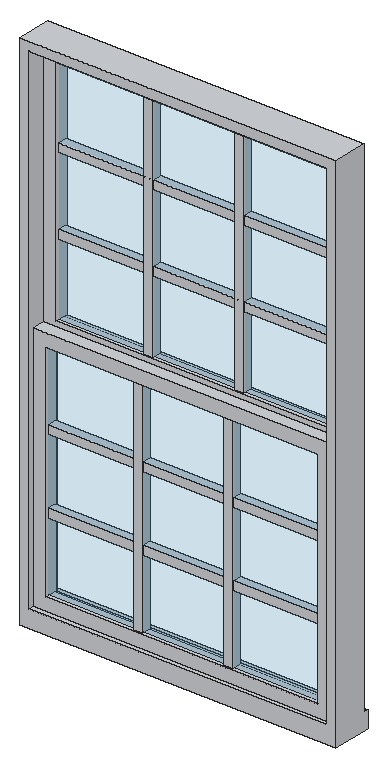
Revit family "Window_Single Hung", category Windows, Revit 2019
Family settings
  Work Plane-Based = No
  Always vertical = Yes
  Cut with Voids When Loaded = No
  Shared = Yes
  Room Calculation Point = No
Parameters (values of type "Single Hung")
  Width [instance] = 3' - 0"
  WS - Window Type / Symbol = "SH-1"
  WS - Width [instance] = Width  # 3' - 0"
  WS - Tempered Glass = ""
  WS - Style = ""
  WS - Smoke & Draft = ""
  WS - Remarks = ""
  WS - Height [instance] = Height  # 5' - 0"
  WS - Frame = ""
  WS - Fire Rating = ""
  WS - Finish = ""
  Upper Inner Frame Depth = 0' - 1 1/2"
  Upper Glazing Height [instance] = Height / 2 - 0' 1" - 0' 1 1/2" - 0' 1"  # 2' - 2 1/2"
  Sill Depth = 0' - 4 1/2"
  Number Of Lites Wide [instance] = 3
  Number Of Lites High [instance] = 3
  Lower Inner Frame Depth = 0' - 1 1/2"
  Lower Glazing Height [instance] = Height / 2 - 0' 2" - 0' 1" - 0' 1 1/2"  # 2' - 1 1/2"
  Inner Frame Width = 0' - 1 1/2"
  Height [instance] = 5' - 0"
  Glazing Width [instance] = Width - (2 * (Frame Width + Inner Frame Width))  # 2' - 7"
  Glazing Thickness = 0' - 0 3/4"
  Glazing Material [instance] = none
  Glazing Height = 0' - 0"
  Frame Width = 0' - 1"
  Frame Material [instance] = none
  Depth = 0' - 4"
  Analytic Construction = "<None>"
Reference planes (in)
  plane 1 "Center (Front/Back)": y = 0
  plane 2: z = 0
  plane 3 "Center (Left/Right)": x = 0
  plane 4: x = -18
  plane 5: x = 18
  plane 6: y = 2.5
  plane 7: y = -2
  plane 8: x = -17
  plane 9: x = 17
  plane 10: x = -15.5
  plane 11: x = 15.5
  plane 12: y = 1.5
  plane 13: y = -1.5
  plane 14: y = 0.75
  plane 15: y = 1.125
  plane 16: y = 0.375
  plane 17: y = 2
  plane 18: y = -0.75
  plane 19: y = -0.375
  plane 20: y = -1.125
  plane 21: z = 60
  plane 22: z = 59
  plane 23: z = 57.5
  plane 24: z = 2
  plane 25: z = 3.5
  plane 26: z = 30
  plane 27: z = 31
  plane 28: z = 29
  plane 29: x = 0
  plane 30: z = 30
Forms (in)
  Extrusion 1, solid, material <- "Frame Material"
    sketch origin (0, 0, 0) x (0, 1, 0) y (0, 0, 1)
      loop
        line (-2, 2) -> (-2, 0) -> (2.5, 0) -> (2.5, 2) -> (-2, 2)
    from -18 to 18
  Sweep 2, solid, material <- "Frame Material"
    path origin (0, 0, 0) x (1, 0, 0) y (0, 0, 1)
      loop
        line (18, 0) -> (18, 60) -> (-18, 60) -> (-18, 0)
    profile origin (-18, 0, 30) x (0, -1, 0) y (1, 0, 0)
      loop
        line (-2, 0) -> (2, 0) -> (2, 1) -> (-2, 1) -> (-2, 0)
  Sweep 3, solid, material <- "Frame Material"
    path origin (0, 0, 0) x (1, 0, 0) y (0, 0, 1)
      loop
        line (-15.5, 29) -> (-15.5, 3.5) -> (15.5, 3.5) -> (15.5, 29) -> (-15.5, 29)
    profile origin (-15.5, 0, 16.25) x (0, -1, 0) y (1, 0, 0)
      loop
        line (1.5, -1.5) -> (1.5, 0) -> (0, 0) -> (0, -1.5) -> (1.5, -1.5)
  Sweep 4, solid, material <- "Frame Material"
    path origin (0, 0, 0) x (1, 0, 0) y (0, 0, 1)
      loop
        line (-15.5, 57.5) -> (-15.5, 31) -> (15.5, 31) -> (15.5, 57.5) -> (-15.5, 57.5)
    profile origin (-15.5, 0, 44.25) x (0, -1, 0) y (1, 0, 0)
      loop
        line (-1.5, -1.5) -> (0, -1.5) -> (0, 0) -> (-1.5, 0) -> (-1.5, -1.5)
  Extrusion 5, solid, material <- "Glazing Material"
    sketch origin (0, 0, 0) x (1, 0, 0) y (0, 1, 0)
      loop
        line (-15.5, 1.125) -> (-15.5, 0.375) -> (15.5, 0.375) -> (15.5, 1.125) -> (-15.5, 1.125)
    from 31 to 57.5
  Extrusion 6, solid, material <- "Glazing Material"
    sketch origin (0, 0, 0) x (1, 0, 0) y (0, 1, 0)
      loop
        line (-15.5, -0.375) -> (-15.5, -1.125) -> (15.5, -1.125) -> (15.5, -0.375) -> (-15.5, -0.375)
    from 3.5 to 29
Cuts and joins
  joined: Extrusion 1, Sweep 2
Lines and regions (in)
  symbolic lines, style "WindowsFrameMullionProjection"
    curve 1: line (-18, 2, 0) -> (-17, 2, 0)
    curve 2: line (-17, 2, 0) -> (-17, 1.5, 0)
    curve 3: line (-18, -2, 0) -> (-17, -2, 0)
    curve 4: line (-18, 2, 0) -> (-18, -2, 0)
    curve 5: line (-15.5, 1.5, 0) -> (-15.5, 0, 0)
    curve 6: line (-17, -1.5, 0) -> (-15.5, -1.5, 0)
    curve 7: line (-17, 1.5, 0) -> (-15.5, 1.5, 0)
    curve 8: line (-15.5, 0, 0) -> (-17, 0, 0)
    curve 9: line (-17, 1.5, 0) -> (-17, 0, 0)
    curve 10: line (-17, -1.5, 0) -> (-17, -2, 0)
    curve 11: line (-17, 0, 0) -> (-17, -1.5, 0)
    curve 12: line (-15.5, 0, 0) -> (-15.5, -1.5, 0)
    curve 13: line (17, 2, 0) -> (18, 2, 0)
    curve 14: line (18, 2, 0) -> (18, -2, 0)
    curve 15: line (17, 2, 0) -> (17, 1.5, 0)
    curve 16: line (17, -2, 0) -> (18, -2, 0)
    curve 17: line (15.5, -1.5, 0) -> (17, -1.5, 0)
    curve 18: line (15.5, 1.5, 0) -> (17, 1.5, 0)
    curve 19: line (15.5, 1.5, 0) -> (15.5, 0, 0)
    curve 20: line (17, 0, 0) -> (15.5, 0, 0)
    curve 21: line (15.5, 0, 0) -> (15.5, -1.5, 0)
    curve 22: line (17, 0, 0) -> (17, -1.5, 0)
    curve 23: line (17, -1.5, 0) -> (17, -2, 0)
    curve 24: line (17, 1.5, 0) -> (17, 0, 0)
    curve 31: line (0, 0, 11) -> (0, 0, 6.25)
    curve 32: line (0, 0, 11) -> (-1.41421, 0, 9.58579)
    curve 33: line (0, 0, 11) -> (1.41421, 0, 9.58579)
  symbolic lines, style "WindowsSillHeadProjection"
    curve 25: line (-18, 2, 0) -> (-18, 2.5, 0)
    curve 26: line (-18, 2.5, 0) -> (18, 2.5, 0)
    curve 27: line (18, 2.5, 0) -> (18, 2, 0)
    curve 28: line (17, -2, 0) -> (-17, -2, 0)
  symbolic lines, style "WindowsGlassProjection"
    curve 29: line (-15.5, 0.75, 0) -> (15.5, 0.75, 0)
    curve 30: line (-15.5, -0.75, 0) -> (15.5, -0.75, 0)
Dimensions and locks (in)
  "Sill Depth": plane 6 to plane 7
  equal spacing: plane 4, plane 3 "Center (Left/Right)", plane 5
  "Width": plane 4 to plane 5
  "Frame Width": plane 4 to plane 8
  "Frame Width": plane 9 to plane 5
  "Inner Frame Width": plane 8 to plane 10
  "Inner Frame Width": plane 11 to plane 9
  "Lower Inner Frame Depth": plane 13 to plane 1 "Center (Front/Back)"
  "Upper Inner Frame Depth": plane 1 "Center (Front/Back)" to plane 12
  plane 1 "Center (Front/Back)" to plane 7 = 0' - 2"
  equal spacing: plane 12, plane 14, plane 1 "Center (Front/Back)"
  "Glazing Thickness": plane 15 to plane 16
  equal spacing: plane 15, plane 14, plane 16
  "Depth": plane 17 to plane 7
  equal spacing: plane 1 "Center (Front/Back)", plane 18, plane 13
  equal spacing: plane 20, plane 18, plane 19
  "Glazing Thickness": plane 20 to plane 19
  "Height": plane 21 to level
  "Frame Width": plane 21 to plane 22
  "Inner Frame Width": plane 22 to plane 23
  plane 24 to level = 0' - 2"
  "Inner Frame Width": plane 25 to plane 24
  equal spacing: plane 21, plane 26, level
  locked: plane 27 to plane 28 at 2
  equal spacing: plane 27, plane 26, plane 28
  plane 23 to plane 27 = 2' - 2 1/2"
  plane 28 to plane 25 = 2' - 1 1/2"
  equal spacing: plane 21, plane 30, level
  aligned and locked: plane 2 to level
  aligned and locked: Extrusion 1 sketch curve to plane 24
  aligned and locked: plane 7 to Extrusion 1 sketch curve
  aligned and locked: level to Extrusion 1 sketch curve
  aligned and locked: Extrusion 1 sketch curve to plane 6
  aligned and locked: Extrusion 1 to plane 4
  aligned and locked: plane 5 to Extrusion 1
  aligned and locked: Sweep 2 sketch curve to plane 4
  aligned and locked: Sweep 2 sketch curve to plane 21
  aligned and locked: Sweep 2 sketch curve to plane 5
  aligned and locked: level to Sweep 2 sketch curve  (x2)
  aligned and locked: plane 4 to Sweep 2 sketch curve
  aligned and locked: plane 7 to Sweep 2 sketch curve
  aligned and locked: Sweep 2 sketch curve to plane 8
  aligned and locked: Sweep 2 sketch curve to plane 17
  aligned and locked: Sweep 3 sketch curve to plane 10
  aligned and locked: Sweep 3 sketch curve to plane 25
  aligned and locked: plane 11 to Sweep 3 sketch curve
  aligned and locked: Sweep 3 sketch curve to plane 28
  aligned and locked: plane 10 to Sweep 3 sketch curve
  aligned and locked: Sweep 3 sketch curve to plane 1 "Center (Front/Back)"
  aligned and locked: Sweep 3 sketch curve to plane 8
  aligned and locked: Sweep 3 sketch curve to plane 13
  aligned and locked: Sweep 4 sketch curve to plane 10
  aligned and locked: Sweep 4 sketch curve to plane 23
  aligned and locked: plane 11 to Sweep 4 sketch curve
  aligned and locked: Sweep 4 sketch curve to plane 27
  aligned and locked: plane 8 to Sweep 4 sketch curve
  aligned and locked: plane 12 to Sweep 4 sketch curve
  aligned and locked: plane 1 "Center (Front/Back)" to Sweep 4 sketch curve
  aligned and locked: plane 10 to Sweep 4 sketch curve
  aligned and locked: Extrusion 5 sketch curve to plane 15
  aligned and locked: Extrusion 5 sketch curve to plane 16
  aligned and locked: plane 11 to Extrusion 5 sketch curve
  aligned and locked: plane 10 to Extrusion 5 sketch curve
  aligned and locked: plane 11 to Extrusion 6 sketch curve
  aligned and locked: Extrusion 6 sketch curve to plane 19
  aligned and locked: plane 20 to Extrusion 6 sketch curve
  aligned and locked: plane 10 to Extrusion 6 sketch curve
  aligned and locked: plane 28 to Extrusion 6
  aligned and locked: Extrusion 6 to plane 25
  aligned and locked: Extrusion 5 to plane 27
  aligned and locked: plane 23 to Extrusion 5
  aligned and locked: curve 1 to plane 17
  aligned and locked: curve 2 to plane 8
  aligned and locked: curve 3 to plane 7
  aligned and locked: curve 4 to plane 4
  aligned and locked: curve 5 to plane 10
  aligned and locked: curve 6 to plane 13
  aligned and locked: curve 7 to plane 12
  aligned and locked: curve 10 to plane 8
  aligned and locked: curve 9 to plane 8
  aligned and locked: curve 11 to plane 8
  aligned and locked: curve 12 to plane 10
  aligned and locked: curve 13 to plane 17
  aligned and locked: curve 14 to plane 5
  aligned and locked: curve 15 to plane 9
  aligned and locked: curve 16 to plane 7
  aligned and locked: curve 17 to plane 13
  aligned and locked: curve 18 to plane 12
  aligned and locked: curve 20 to plane 1 "Center (Front/Back)"
  aligned and locked: plane 11 to curve 21
  aligned and locked: curve 23 to plane 9
  aligned and locked: curve 22 to plane 9
  aligned and locked: curve 24 to plane 9
  aligned and locked: plane 8 to curve 28
  aligned and locked: plane 9 to curve 28
  aligned and locked: curve 27 to plane 5
  aligned and locked: curve 26 to plane 6
  aligned and locked: plane 11 to curve 29
  aligned and locked: curve 29 to plane 14
  aligned and locked: plane 10 to curve 30
  aligned and locked: curve 30 to plane 18
  aligned and locked: plane 11 to curve 30
  aligned and locked: plane 28 to nested 2
  aligned and locked: nested 2 to plane 18
  aligned and locked: nested 1 to plane 14
  aligned and locked: plane 23 to nested 1
  aligned and locked: plane 29 to nested 1
  aligned and locked: plane 29 to nested 2
  aligned and locked: plane 3 "Center (Left/Right)" to plane 29
Automatic sketch dimensions
  plane 1 "Center (Front/Back)" to curve 12 = 0' - 0"
  curve 32 to plane 3 "Center (Left/Right)" = 0' - 0"
  plane 25 to curve 32 = 0' - 7 1/2"
  curve 32 to plane 3 "Center (Left/Right)" = 0' - 1.41421"
  curve 33 to curve 33 = 0' - 1.41421"
  curve 32 to curve 31 = 0' - 1.41421"
  plane 25 to curve 31 = 0' - 2 3/4"
Nested families (in)
  nested 1: "Mullion Assembly" at (0, 0.75, 31), Width <- "Glazing Width", Height <- "Upper Glazing Height", Number Of Lites Wide <- "Number Of Lites Wide", Number Of Lites High <- "Number Of Lites High", type "Mullion Assembly"
    with Width 2' - 7", Vertical Mullions 2, Vertical Mullion Visible yes, Vertical Mullion Array Location 0' - 10.33333", Number Of Vertical Mullions 2, Number Of Lites Wide 3, Number Of Lites High 3, Number Of Horizontal Mullions 2, Mullion Material none, Horizontal Mullions 2, Horizontal Mullion Visible yes, Horizontal Mullion Array Location 0' - 8.83333", Height 2' - 2 1/2", Mullion Height 0' - 1"
  nested 2: "Mullion Assembly" at (0, -0.75, 3.5), Width <- "Glazing Width", Height <- "Lower Glazing Height", Number Of Lites Wide <- "Number Of Lites Wide", Number Of Lites High <- "Number Of Lites High", type "Mullion Assembly"
    with Width 2' - 7", Vertical Mullions 2, Vertical Mullion Visible yes, Vertical Mullion Array Location 0' - 10.33333", Number Of Vertical Mullions 2, Number Of Lites Wide 3, Number Of Lites High 3, Number Of Horizontal Mullions 2, Mullion Material none, Horizontal Mullions 2, Horizontal Mullion Visible yes, Horizontal Mullion Array Location 0' - 8 1/2", Height 2' - 1 1/2", Mullion Height 0' - 1"
Definition of nested family "Mullion Assembly"
  Parameters (values of type "Mullion Assembly")
    Width [instance] = 4' - 0"
    Vertical Mullions [instance] = if(Number Of Vertical Mullions < 1.5, 2, Number Of Vertical Mullions)  # 3
    Vertical Mullion Visible [instance] = Number Of Lites Wide > 1.5  # yes
    Vertical Mullion Array Location [instance] = if(Number Of Vertical Mullions < 1.5, (Width / 2), if(Number Of Vertical Mullions > 1.5, (Width / (Vertical Mullions + 1)), (Width / 2)))  # 1' - 0"
    Number Of Vertical Mullions [instance] = Number Of Lites High - 1  # 3
    Number Of Lites Wide [instance] = 4
    Number Of Lites High [instance] = 4
    Number Of Horizontal Mullions [instance] = Number Of Lites Wide - 1  # 3
    Mullion Width = 0' - 1"
    Mullion Material [instance] = none
    Mullion Height = 0' - 0 3/4"
    Horizontal Mullions [instance] = if(Number Of Horizontal Mullions < 1.5, 2, Number Of Horizontal Mullions)  # 3
    Horizontal Mullion Visible [instance] = Number Of Lites High > 1.5  # yes
    Horizontal Mullion Array Location [instance] = if(Number Of Horizontal Mullions < 1.5, (Height / 2), if(Number Of Horizontal Mullions > 1.5, (Height / (Horizontal Mullions + 1)), (Height / 2)))  # 1' - 0"
    Height [instance] = 4' - 0"
    Analytic Construction = "<None>"
  Reference planes (in)
    plane 1 "Center (Front/Back)": y = 0
    plane 2: z = 0
    plane 3 "Center (Left/Right)": x = 0
    plane 4: z = 48
    plane 5: x = 24
    plane 6: x = -24
    plane 7: x = -12
    plane 8: x = 12
    plane 9: z = 36
    plane 10: z = 12
    plane 11: z = 24
    plane 12: x = -12
    plane 13: z = 36
    plane 14: z = 12
    plane 15: x = 12
    plane 16: z = 24
    plane 17: x = 0
  Forms (in)
    Sweep 1, solid, material <- "Mullion Material", visible <- "Vertical Mullion Visible"
      path origin (5.06152, 0, -15.28174) x (1, 0, 0) y (0, 0, 1)
        loop
          line (-17.06152, 63.28174) -> (-17.06152, 15.28174)
      profile "Profile - Mullion : Profile - Mullion" origin (-12, 0, 24) x (1, 0, 0) y (0, -1, 0)
        loop
          line (-0.5, 0.375) -> (-0.5, -0.375) -> (0.5, -0.375) -> (0.5, 0.375) -> (-0.5, 0.375)
    Sweep 2, solid, material <- "Mullion Material", visible <- "Horizontal Mullion Visible"
      path origin (20.44465, 0, -3.26328) x (1, 0, 0) y (0, 0, 1)
        loop
          line (-44.44465, 39.26328) -> (3.55535, 39.26328)
      profile "Profile - Mullion : Profile - Mullion" origin (0, 0, 36) x (0, 0, 1) y (0, -1, 0)
        loop
          line (-0.5, 0.375) -> (-0.5, -0.375) -> (0.5, -0.375) -> (0.5, 0.375) -> (-0.5, 0.375)
    Sweep 3, solid, material <- "Mullion Material", visible <- "Horizontal Mullion Visible"
      path origin (20.44465, 0, -27.26328) x (1, 0, 0) y (0, 0, 1)
        loop
          line (-44.44465, 39.26328) -> (3.55535, 39.26328)
      profile "Profile - Mullion : Profile - Mullion" origin (0, 0, 12) x (0, 0, 1) y (0, -1, 0)
        loop
          line (-0.5, 0.375) -> (-0.5, -0.375) -> (0.5, -0.375) -> (0.5, 0.375) -> (-0.5, 0.375)
    Sweep 4, solid, material <- "Mullion Material", visible <- "Vertical Mullion Visible"
      path origin (29.06152, 0, -15.28174) x (1, 0, 0) y (0, 0, 1)
        loop
          line (-17.06152, 63.28174) -> (-17.06152, 15.28174)
      profile "Profile - Mullion : Profile - Mullion" origin (12, 0, 24) x (1, 0, 0) y (0, -1, 0)
        loop
          line (-0.5, 0.375) -> (-0.5, -0.375) -> (0.5, -0.375) -> (0.5, 0.375) -> (-0.5, 0.375)
    Sweep 5, solid, material <- "Mullion Material", visible <- "Horizontal Mullion Visible"
      path origin (20.44465, 0, -15.26328) x (1, 0, 0) y (0, 0, 1)
        loop
          line (-44.44465, 39.26328) -> (3.55535, 39.26328)
      profile "Profile - Mullion : Profile - Mullion" origin (0, 0, 24) x (0, 0, 1) y (0, -1, 0)
        loop
          line (-0.5, 0.375) -> (-0.5, -0.375) -> (0.5, -0.375) -> (0.5, 0.375) -> (-0.5, 0.375)
    Sweep 6, solid, material <- "Mullion Material", visible <- "Vertical Mullion Visible"
      path origin (17.06152, 0, -15.28174) x (1, 0, 0) y (0, 0, 1)
        loop
          line (-17.06152, 63.28174) -> (-17.06152, 15.28174)
      profile "Profile - Mullion : Profile - Mullion" origin (0, 0, 24) x (1, 0, 0) y (0, -1, 0)
        loop
          line (-0.5, 0.375) -> (-0.5, -0.375) -> (0.5, -0.375) -> (0.5, 0.375) -> (-0.5, 0.375)
  Dimensions and locks (in)
    "Width": plane 5 to plane 6
    "Height": plane 4 to level
    equal spacing: plane 4, plane 11, level
    equal spacing: plane 5, plane 3 "Center (Left/Right)", plane 6
    "Vertical Mullion Array Location": plane 7 to plane 6
    "Vertical Mullion Array Location": plane 5 to plane 8
    "Horizontal Mullion Array Location": plane 4 to plane 9
    "Horizontal Mullion Array Location": plane 10 to level
    locked: plane 7 to plane 12 at 0
    locked: plane 9 to plane 13 at 0
    "Height": Sweep 1 sketch curve to Sweep 1 sketch curve
    "Width": Sweep 2 sketch curve to Sweep 2 sketch curve
    "Width": Sweep 3 sketch curve to Sweep 3 sketch curve
    equal spacing: group 2, group 5, group 1  (x2)
    equal spacing: group 1, group 5, group 2
    locked: plane 10 to plane 14 at 0
    "Height": Sweep 4 sketch curve to Sweep 4 sketch curve
    equal spacing: group 3, group 6, group 4  (x3)
    locked: plane 8 to plane 15 at 0
    "Width": Sweep 5 sketch curve to Sweep 5 sketch curve
    "Height": Sweep 6 sketch curve to Sweep 6 sketch curve
    aligned and locked: plane 2 to level
    aligned and locked: Sweep 2 sketch curve to plane 13
    aligned and locked: Sweep 1 to plane 4
    aligned and locked: plane 6 to Sweep 2
    aligned and locked: Sweep 3 sketch curve to plane 14
    aligned and locked: Sweep 5 sketch curve to plane 16
    aligned and locked: Sweep 4 to plane 4
    aligned and locked: plane 5 to Sweep 3
  Automatic sketch dimensions
    plane 12 to Sweep 1 sketch curve = 0' - 0"
    plane 15 to Sweep 4 sketch curve = 0' - 0"
    plane 17 to Sweep 6 sketch curve = 0' - 0"
